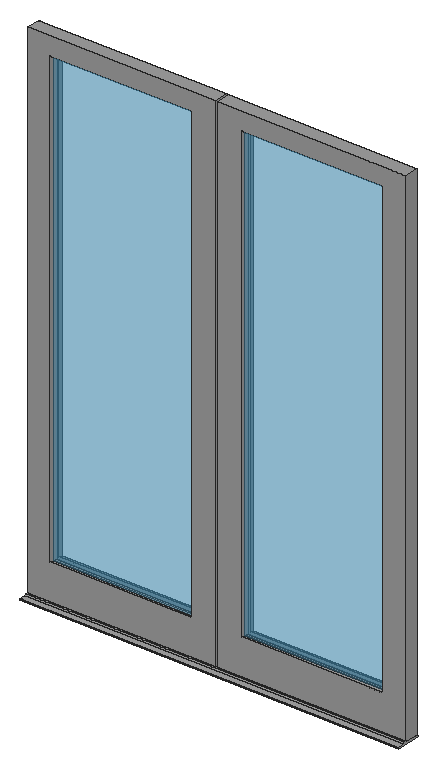
Revit family "AD-375 DOOR-Double-1.56-SF_v04", category Curtain Panels, Revit 2015
Parameters
  Width [instance] = 6' - 2"
  URL = "obe.com"
  Rough Width [instance] = 6' - 0"
  Offset [instance] = 0' - 0"
  Model = "AD-375 DOOR"
  Min Panel Width [instance] = if(Rough Width > 5' 11 255/256", Rough Width, 6' 0")  # 6' - 0"
  Manufacturer = "Oldcastle BuildingEnvelope®"
  Keynote = "08 11 00"
  Hinge [instance] = yes
  Height [instance] = 8' - 0"
  Glass Material = Glass
  Frame Material = Aluminum
  Door Panel Height [instance] = Height + 0' 0 23/32"  # 8' - 0 23/32"
  Description = "AD-375 - 1-9/16\" Door Infill"
  Assembly Code = "B2030"
  Analytic Construction = "<None>"
  6 Bottom Rail [instance] = yes
  10 Bottom Rail [instance] = not([6 Bottom Rail])  # no
Reference planes (in)
  plane 1 "Front": y = 0
  plane 2: z = 0
  plane 3 "Center (Left/Right)": x = 0
  plane 4 "Left": x = -37
  plane 5 "Right": x = 37
  plane 6 "Top": z = 96
  plane 7: x = -36
  plane 8: x = 36
Text (in)
  text "Exterior" at (-54.29358, 31.38743, 0), in view "Ref. Level"
  text "Exterior" at (480, 41.53993, 89.60405), in view "Right"
  text "Exterior" at (-240, 57.82419, 105.78864), in view "Left"
Dimensions and locks (in)
  equal spacing: plane 4 "Left", plane 3 "Center (Left/Right)", plane 5 "Right"
  "Width": plane 4 "Left" to plane 5 "Right"
  "Height": plane 6 "Top" to plane 2
  equal spacing: plane 7, plane 3 "Center (Left/Right)", plane 8
  "Min Panel Width": plane 7 to plane 8
  aligned and locked: level to plane 2
  aligned and locked: plane 1 "Front" to nested 1
Nested families (in)
  nested 1: "AD-375 DOOR-Double-1.56-Panel_v03" at (0, -12, 0), Frame Material <- "Frame Material", Glass Material <- "Glass Material", Hinge <- "Hinge", 6 Bottom Rail <- "6 Bottom Rail", Height <- "Door Panel Height", Width <- "Min Panel Width", Offset <- "Offset", type "AD-375 DOOR-Double-1.56-Panel_v03"
    with Wing Width 3' - 0", built-in parameter 1001301 6' - 0", Offset 0' - 0", Hinge yes, built-in parameter 1001300 8' - 0 23/32", Glass Material Glass, Frame Material Aluminum, Bottom Rail 0' - 6 19/32", 6 Bottom Rail yes, 10 Bottom Rail no
Definition of nested family "AD-375 DOOR-Double-1.56-Panel_v03"
  Parameters (values of type "AD-375 DOOR-Double-1.56-Panel_v03")
    Wing Width [instance] = Width / 2  # 3' - 0"
    Width [instance] = 6' - 0"
    Offset [instance] = 0' - 10.702"
    Hinge [instance] = yes
    Height [instance] = 8' - 0"
    Glass Material [instance] = none
    Frame Material [instance] = none
    Bottom Rail [instance] = if([10 Bottom Rail], 0' 10 19/32", 0' 6 19/32")  # 0' - 6 19/32"
    6 Bottom Rail [instance] = yes
    10 Bottom Rail [instance] = not([6 Bottom Rail])  # no
  Reference planes (in)
    plane 1 "Center": y = -0.1457
    plane 2: z = 0
    plane 3 "Center (Left/Right)": x = 0
    plane 4: z = 96
    plane 5: x = -36
    plane 6: x = 36
    plane 7 "Center (Front/Back)": y = 12
    plane 8 "Exterior": y = 0.63582
    plane 9: z = 48
    plane 10: z = 6.59375
    plane 11: z = 92.46875
    plane 12: z = 0
    plane 13: x = -31.84147
    plane 14: x = 31.82129
    plane 15 "Offset": y = 1.298
  Forms (in)
    Sweep 1, solid, material <- "Frame Material"
      path origin (0, -0.1457, 0) x (1, 0, 0) y (0, 0, 1)
        loop
          line (-33.19523, 96) -> (-0.1998, 96)
      profile origin (-16.69752, -0.1457, 96) x (0, 0, 1) y (0, -1, 0)
        loop
          line (-0.71875, -1.31872) -> (-0.71875, 1.3187) -> (-3.96875, 1.3187) -> (-3.96875, 0.78148) -> (-3.53125, 0.78148) -> (-3.53125, -0.78152) -> (-3.96875, -0.78152) -> (-3.96875, -1.31872) -> (-0.71875, -1.31872)
    Sweep 2, solid, material <- "Frame Material"
      path origin (0, -0.1457, 0) x (1, 0, 0) y (0, 0, 1)
        loop
          line (-0.1998, 0) -> (-35.69697, 0)
      profile origin (-17.94839, -0.1457, 0) x (0, 0, -1) y (0, -1, 0)
        loop
          line (-2.62093, -1.31872) -> (-0.375, -1.31872) -> (-0.375, 1.3187) -> (-2.62093, 1.3187) -> (-7.125, 1.3187) -> (-7.125, 0.7815) -> (-6.59375, 0.7815) -> (-6.59375, -0.78152) -> (-7.125, -0.78152) -> (-7.125, -1.31872) -> (-2.62093, -1.31872)
    Sweep 3, solid, material <- "Frame Material"
      path origin (0, -0.1457, 0) x (1, 0, 0) y (0, 0, 1)
        loop
          line (36, 95.28125) -> (36, 0.375)
      profile origin (36, -0.1457, 47.82812) x (0, -1, 0) y (1, 0, 0)
        loop
          line (-1.2884, -0.43321) -> (-1.2884, -4.61621) -> (-0.78152, -4.61621) -> (-0.78152, -4.17871) -> (0.7815, -4.17871) -> (0.7815, -4.61621) -> (1.3187, -4.61621) -> (1.3187, -0.32321) -> (-1.35373, -0.32321) -> (-1.35373, -0.43321) -> (-1.2884, -0.43321)
    Sweep 4, solid, material <- "Frame Material"
      path origin (0, -0.1457, 0) x (1, 0, 0) y (0, 0, 1)
        loop
          line (-36, 95.28125) -> (-36, 0.375)
      profile origin (-36, -0.1457, 47.82812) x (0, -1, 0) y (1, 0, 0)
        loop
          line (-1.31872, 4.59603) -> (-1.31872, 0.41303) -> (-1.35373, 0.41303) -> (-1.35373, 0.30303) -> (1.3187, 0.30303) -> (1.3187, 4.59603) -> (0.78148, 4.59603) -> (0.78148, 4.15853) -> (-0.78152, 4.15853) -> (-0.78152, 4.59603) -> (-1.31872, 4.59603)
    Sweep 5, solid, material <- "Frame Material"
      path origin (0, -0.1457, 0) x (1, 0, 0) y (0, 0, 1)
        loop
          line (0, 95.28125) -> (0, 0.375)
      profile origin (0, -0.1457, 47.82812) x (0, -1, 0) y (1, 0, 0)
        loop
          line (-1.31872, -4.69069) -> (-0.7815, -4.69069) -> (-0.7815, -4.25319) -> (0.7815, -4.25319) -> (0.7815, -4.69069) -> (1.31797, -4.69069) -> (1.31797, -0.1998) -> (-1.31872, -0.1998) -> (-1.31872, -4.69069)
        loop
          line (1.31797, 4.69069) -> (0.78148, 4.69069) -> (0.78148, 4.25319) -> (-0.7815, 4.25319) -> (-0.7815, 4.69069) -> (-1.2884, 4.69069) -> (-1.2884, 0.19181) -> (1.31797, 0.19181) -> (1.31797, 4.69069)
    Sweep 6, solid, material <- "Frame Material"
      path origin (0, -0.1457, 0) x (1, 0, 0) y (0, 0, 1)
        loop
          line (0.22004, 96) -> (33.19523, 96)
      profile origin (16.70763, -0.1457, 96) x (0, 0, 1) y (0, -1, 0)
        loop
          line (-0.71875, -1.2884) -> (-0.71875, 1.3187) -> (-2.30843, 1.3187) -> (-3.96875, 1.3187) -> (-3.96875, 0.78148) -> (-3.53125, 0.78148) -> (-3.53125, -0.78152) -> (-3.96875, -0.78152) -> (-3.96875, -1.2884) -> (-2.30843, -1.2884) -> (-0.71875, -1.2884)
    Sweep 7, solid, material <- "Frame Material"
      path origin (0, -0.1457, 0) x (1, 0, 0) y (0, 0, 1)
        loop
          line (35.67679, 0) -> (0.19181, 0)
      profile origin (17.9343, -0.1457, 0) x (0, 0, -1) y (0, -1, 0)
        loop
          line (-3.49593, -1.2884) -> (-0.375, -1.2884) -> (-0.375, 1.3187) -> (-7.125, 1.3187) -> (-7.125, 0.7815) -> (-6.59375, 0.7815) -> (-6.59375, -0.78152) -> (-7.125, -0.78152) -> (-7.125, -1.2884) -> (-3.49593, -1.2884)
    Extrusion 8, solid, material <- "Glass Material", detail levels medium+fine
      sketch origin (0, 0, 0) x (1, 0, 0) y (0, 1, 0)
        loop
          line (4.25319, 0.3543) -> (31.82129, 0.3543) -> (31.82129, 0.63582) -> (4.25319, 0.63582) -> (4.25319, 0.3543)
        loop
          line (31.82129, -0.92718) -> (31.82129, -0.64568) -> (4.25319, -0.64568) -> (4.25319, -0.92718) -> (31.82129, -0.92718)
        loop
          line (4.25319, 0.0102) -> (4.25319, -0.26933) -> (31.82129, -0.26933) -> (31.82129, 0.0102) -> (4.25319, 0.0102)
      from 6.59375 to 92.46875
    Extrusion 9, solid, material <- "Glass Material", detail levels coarse
      sketch origin (0, 0, 0) x (1, 0, 0) y (0, 1, 0)
        loop
          line (4.25319, 0.63582) -> (4.25319, -0.9272) -> (31.82129, -0.9272) -> (31.82129, 0.63582) -> (4.25319, 0.63582)
      from 6.59375 to 92.46875
    Extrusion 10, solid, material <- "Glass Material", detail levels coarse
      sketch origin (0, 0, 0) x (1, 0, 0) y (0, 1, 0)
        loop
          line (-31.84147, 0.63582) -> (-31.84147, -0.92718) -> (-4.31233, -0.92718) -> (-4.25319, -0.92718) -> (-4.25319, 0.63582) -> (-31.84147, 0.63582)
      from 6.59375 to 92.46875
    Extrusion 11, solid, material <- "Glass Material", detail levels medium+fine
      sketch origin (0, 0, 0) x (1, 0, 0) y (0, 1, 0)
        loop
          line (-31.84147, 0.63582) -> (-31.84147, 0.38777) -> (-4.25319, 0.38777) -> (-4.25319, 0.63582) -> (-31.84147, 0.63582)
        loop
          line (-31.84147, -0.6457) -> (-31.84147, -0.92718) -> (-4.25, -0.92718) -> (-4.25, -0.6457) -> (-31.84147, -0.6457)
        loop
          line (-31.84147, 0.0102) -> (-31.84147, -0.26933) -> (-4.25, -0.26933) -> (-4.25, 0.0102) -> (-31.84147, 0.0102)
      from 6.59375 to 92.46875
    Sweep 12, solid, material <- "Frame Material"
      path origin (0, 1.298, 0) x (1, 0, 0) y (0, 0, 1)
        loop
          line (35.67679, 0) -> (-35.69697, 0)
      profile origin (-0.01009, 1.298, 0) x (0, 0, -1) y (0, -1, 0)
        loop
          line (-0.256, 0.74946) -> (-0.1262, 0.10573)
          arc (-0.1262, 0.10573) -> (-0.07849, 0.03403) -> (0, -0.00142) r 0.156
          line (0, -0.00142) -> (0, 4.49957) -> (-0.06628, 4.49957)
          arc (-0.06628, 4.49957) -> (-0.08866, 4.49117) -> (-0.09997, 4.47012) r 0.034
          line (-0.09997, 4.47012) -> (-0.256, 3.31357) -> (-0.506, 3.17757) -> (-0.506, 2.76242) -> (-0.256, 2.76242) -> (-0.256, 0.74946)
  Cuts and joins
    joined: Sweep 1, Sweep 2, Sweep 3, Sweep 4, Sweep 5, Sweep 6, Sweep 7
  Lines and regions (in)
    model lines
      curve 1: line (4.59371, 0.63582, 92.05875) -> (31.38379, 0.63582, 48.02216)
      curve 2: line (31.38379, 0.63582, 48.02216) -> (4.59371, 0.63582, 7.125)
      curve 3: line (-4.5985, 0.63582, 92.07372) -> (-31.40397, 0.63582, 48)
      curve 4: line (-31.40397, 0.63582, 48) -> (-4.5985, 0.63582, 7.125)
  Dimensions and locks (in)
    "Height": plane 4 to level
    equal spacing: plane 5, plane 3 "Center (Left/Right)", plane 6
    equal spacing: level, plane 9, plane 4
    locked: plane 3 "Center (Left/Right)" to Sweep 2 sketch curve at 0.1998
    locked: Sweep 3 sketch curve to plane 4 at 0.71875
    locked: Sweep 4 sketch curve to plane 4 at 0.71875
    locked: plane 3 "Center (Left/Right)" to Sweep 1 sketch curve at 0.1998
    locked: Sweep 6 sketch curve to plane 3 "Center (Left/Right)" at 0.22004
    locked: Sweep 5 sketch curve to plane 4 at 0.71875
    locked: Sweep 7 sketch curve to plane 10 at 0.53125  (x2)
    locked: Sweep 2 sketch curve to plane 10 at 0.53125  (x2)
    equal spacing: plane 4, plane 9, plane 12
    locked: plane 4 to plane 11 at 3.53125
    Extrusion 11 sketch curve to Extrusion 11 sketch curve to Extrusion 11 sketch curve to plane 1 "Center" to Extrusion 11 sketch curve to Extrusion 11 sketch curve to Extrusion 11 sketch curve = 0' - 0.28148" locked, 0' - 0.37637" locked, 0' - 0.12363" locked, 0' - 0.1559" locked, 0' - 0.37757" locked, 0' - 0.24805" locked
    Extrusion 10 sketch curve to plane 1 "Center" to Extrusion 10 sketch curve = 0' - 0.78148" locked, 0' - 0.78152" locked
    "Bottom Rail": plane 10 to plane 12
    locked: Extrusion 11 sketch curve to plane 3 "Center (Left/Right)" at 4.25319
    locked: Extrusion 11 sketch curve to plane 3 "Center (Left/Right)" at 4.25
    locked: Extrusion 10 sketch curve to plane 3 "Center (Left/Right)" at 4.25319
    "Width": plane 5 to plane 6
    locked: plane 6 to Sweep 7 sketch curve at 0.32321
    locked: Sweep 2 sketch curve to plane 5 at 0.30303
    locked: Sweep 7 sketch curve to plane 3 "Center (Left/Right)" at 0.19181
    locked: plane 14 to plane 6 at 4.17871
    locked: plane 5 to plane 13 at 4.15853
    plane 1 "Center" to plane 8 "Exterior" to plane 15 "Offset" = 0' - 0.78152" locked, 0' - 0.66218" locked
    "Offset": plane 15 "Offset" to plane 7 "Center (Front/Back)"
    locked: plane 1 "Center" to nested 1 at 0.298
    locked: Sweep 12 sketch curve to plane 5 at 0.30303
    locked: plane 6 to Sweep 12 sketch curve at 0.32321
    locked: plane 12 to Sweep 3 sketch curve at 0.375
    locked: plane 12 to Sweep 5 sketch curve at 0.375
    locked: plane 12 to Sweep 4 sketch curve at 0.375
    aligned and locked: plane 2 to level
    aligned and locked: plane 3 "Center (Left/Right)" to nested 1
    aligned and locked: Sweep 1 sketch curve to plane 4
    aligned and locked: Sweep 2 sketch curve to level
    aligned and locked: level to nested 2
    aligned and locked: nested 2 to plane 1 "Center"
    aligned and locked: plane 3 "Center (Left/Right)" to Sweep 5 sketch curve
    aligned and locked: Sweep 7 sketch curve to level
    aligned and locked: plane 4 to Sweep 6 sketch curve
    aligned and locked: plane 11 to Extrusion 10
    aligned and locked: plane 11 to Extrusion 11
    aligned and locked: plane 11 to Extrusion 8
    aligned and locked: plane 11 to Extrusion 9
    aligned and locked: Sweep 6 sketch curve to plane 11
    aligned and locked: plane 10 to Sweep 2 sketch curve
    aligned and locked: Sweep 1 sketch curve to plane 11
    aligned and locked: plane 9 to curve 4
    aligned and locked: Extrusion 8 to plane 10
    aligned and locked: Extrusion 9 to plane 10
    aligned and locked: Extrusion 11 to plane 10
    aligned and locked: Extrusion 10 to plane 10
    aligned and locked: Sweep 4 sketch curve to plane 5
    aligned and locked: Sweep 3 sketch curve to plane 6
    aligned and locked: Extrusion 11 to plane 13  (x2)
    aligned and locked: Extrusion 10 to plane 13
    aligned and locked: plane 14 to Extrusion 9
    aligned and locked: plane 14 to Extrusion 8  (x2)
    aligned and locked: Extrusion 11 sketch curve to plane 13  (x3)
    aligned and locked: Extrusion 10 sketch curve to plane 13
    aligned and locked: Sweep 12 sketch curve to plane 12
  Automatic sketch dimensions
    Extrusion 10 sketch curve to Extrusion 10 sketch curve = 0' - 0.05914"
    plane 5 to Sweep 1 sketch curve = 0' - 2.80477"
    Extrusion 11 sketch curve to Extrusion 11 sketch curve = 0' - 0"
    Sweep 4 sketch curve to profile plane = 0' - 0.41303"
    Sweep 4 sketch curve to plane 1 "Center" = 0' - 1.35373"
    Sweep 4 sketch curve to Sweep 4 sketch curve = 0' - 0.03501"
    Sweep 4 sketch curve to Sweep 4 sketch curve = 0' - 0.5372"
    plane 1 "Center" to Sweep 4 sketch curve = 0' - 0.78148"
    Sweep 4 sketch curve to Sweep 4 sketch curve = 0' - 0.53722"
    Sweep 4 sketch curve to profile plane = 0' - 0.30303"
    Sweep 4 sketch curve to Sweep 4 sketch curve = 0' - 3.7455"
    Sweep 4 sketch curve to Sweep 4 sketch curve = 0' - 0 7/16"  (x2)
    Sweep 5 sketch curve to plane 1 "Center" = 0' - 1.31872"
    Sweep 5 sketch curve to Sweep 5 sketch curve = 0' - 0.03032"
    Sweep 5 sketch curve to Sweep 5 sketch curve = 0' - 0.53722"
    Sweep 5 sketch curve to Sweep 5 sketch curve = 0' - 0.5069"
    plane 1 "Center" to Sweep 5 sketch curve = 0' - 0.78148"
    plane 1 "Center" to Sweep 5 sketch curve = 0' - 0.7815"
    Sweep 5 sketch curve to Sweep 5 sketch curve = 0' - 0.53649"
    profile plane to Sweep 5 sketch curve = 0' - 0.1998"
    Sweep 5 sketch curve to Sweep 5 sketch curve = 0' - 0"
    Sweep 5 sketch curve to Sweep 5 sketch curve = 0' - 4.05339"
    Sweep 5 sketch curve to Sweep 5 sketch curve = 0' - 0 7/16"  (x4)
    Sweep 5 sketch curve to profile plane = 0' - 0.19181"
    Sweep 5 sketch curve to Sweep 5 sketch curve = 0' - 4.06138"
    Sweep 1 sketch curve to Sweep 1 sketch curve = 0' - 0 7/16"  (x2)
    profile plane to Sweep 1 sketch curve = 0' - 0 23/32"
    Sweep 1 sketch curve to plane 1 "Center" = 0' - 1.31872"
    Sweep 1 sketch curve to plane 1 "Center" = 0' - 0.78152"
    plane 1 "Center" to Sweep 1 sketch curve = 0' - 0.78148"
    plane 1 "Center" to Sweep 1 sketch curve = 0' - 1.3187"
    profile plane to Sweep 3 sketch curve = 0' - 0.43321"
    Sweep 3 sketch curve to plane 1 "Center" = 0' - 1.35373"
    Sweep 3 sketch curve to Sweep 3 sketch curve = 0' - 0.06533"
    Sweep 3 sketch curve to plane 1 "Center" = 0' - 0.78152"
    plane 1 "Center" to Sweep 3 sketch curve = 0' - 0.7815"
    profile plane to Sweep 3 sketch curve = 0' - 0.32321"
    plane 1 "Center" to Sweep 3 sketch curve = 0' - 1.3187"
    Sweep 3 sketch curve to Sweep 3 sketch curve = 0' - 3.8555"
    Sweep 3 sketch curve to Sweep 3 sketch curve = 0' - 0 7/16"  (x2)
    plane 14 to Sweep 6 sketch curve = 0' - 1.37394"
    Extrusion 9 sketch curve to plane 14 = 0' - 0"
    plane 13 to curve 4 = 0' - 0 7/16"
    plane 9 to curve 2 = 0' - 0.02216"
    curve 2 to plane 14 = 0' - 0 7/16"
    curve 3 to plane 11 = 0' - 0.39503"
    curve 3 to plane 3 "Center (Left/Right)" = 0' - 4.5985"
    plane 10 to curve 4 = 0' - 0 17/32"
    curve 4 to plane 3 "Center (Left/Right)" = 0' - 4.5985"
    plane 10 to curve 2 = 0' - 0 17/32"
    plane 3 "Center (Left/Right)" to curve 2 = 0' - 4.59371"
    curve 1 to plane 11 = 0' - 0.41"
    plane 3 "Center (Left/Right)" to curve 1 = 0' - 4.59371"
    plane 8 "Exterior" to Extrusion 9 sketch curve = 0' - 0"
    plane 1 "Center" to Extrusion 9 sketch curve = 0' - 0.7815"
    plane 8 "Exterior" to Extrusion 8 sketch curve = 0' - 0"
    Extrusion 8 sketch curve to plane 14 = 0' - 0"  (x3)
    plane 1 "Center" to Extrusion 8 sketch curve = 0' - 0.12363"
    plane 3 "Center (Left/Right)" to Extrusion 8 sketch curve = 0' - 4.25319"
    Extrusion 8 sketch curve to Extrusion 8 sketch curve = 0' - 0"  (x2)
    Extrusion 8 sketch curve to Extrusion 8 sketch curve = 0' - 0.37635"
    Extrusion 8 sketch curve to Extrusion 8 sketch curve = 0' - 0.2815"
    Extrusion 8 sketch curve to plane 1 "Center" = 0' - 0.1559"
    plane 8 "Exterior" to Extrusion 8 sketch curve = 0' - 0.28152"
    plane 3 "Center (Left/Right)" to Extrusion 9 sketch curve = 0' - 4.25319"
    profile plane to Sweep 2 sketch curve = 0' - 2.62093"  (x2)
    profile plane to Sweep 2 sketch curve = 0' - 0 3/8"
    Sweep 2 sketch curve to Sweep 2 sketch curve = 0' - 0.5372"  (x2)
    plane 1 "Center" to Sweep 2 sketch curve = 0' - 0.7815"
    Sweep 7 sketch curve to Sweep 7 sketch curve = 0' - 0 17/32"
    Sweep 7 sketch curve to plane 1 "Center" = 0' - 1.2884"
    Sweep 7 sketch curve to Sweep 7 sketch curve = 0' - 3.09782"
    Sweep 7 sketch curve to Sweep 7 sketch curve = 0' - 0.50688"
    plane 1 "Center" to Sweep 7 sketch curve = 0' - 0.7815"
    plane 1 "Center" to Sweep 7 sketch curve = 0' - 1.3187"
    Sweep 6 sketch curve to Sweep 6 sketch curve = 0' - 0 7/16"  (x2)
    Sweep 6 sketch curve to Sweep 6 sketch curve = 0' - 1.22282"  (x2)
    profile plane to Sweep 6 sketch curve = 0' - 0 23/32"
    Sweep 6 sketch curve to plane 1 "Center" = 0' - 1.2884"
    Sweep 6 sketch curve to Sweep 6 sketch curve = 0' - 0.50688"
    plane 1 "Center" to Sweep 6 sketch curve = 0' - 0.78148"
    plane 1 "Center" to Sweep 6 sketch curve = 0' - 1.3187"
    Sweep 2 sketch curve to plane 1 "Center" = 0' - 1.31872"
    profile plane to Sweep 7 sketch curve = 0' - 0 3/8"
    profile plane to Sweep 12 sketch curve = 0' - 0.256"  (x2)
    plane 15 "Offset" to Sweep 12 sketch curve = 0' - 0.74946"
    profile plane to Sweep 12 sketch curve = 0' - 0.1262"
    plane 15 "Offset" to Sweep 12 sketch curve = 0' - 0.10573"
    Sweep 12 sketch curve to Sweep 12 sketch curve = 0' - 2.01296"
    Sweep 12 sketch curve to profile plane = 0' - 0.02248"
    Sweep 12 sketch curve to plane 15 "Offset" = 0' - 0.00142"
    Sweep 12 sketch curve to Sweep 12 sketch curve = 0' - 1.73715"
    Sweep 12 sketch curve to Sweep 12 sketch curve = 0' - 0 1/4"
    Sweep 12 sketch curve to Sweep 12 sketch curve = 0' - 0.41515"
    Sweep 12 sketch curve to Sweep 12 sketch curve = 0' - 0.136"
    profile plane to Sweep 12 sketch curve = 0' - 0.09997"
    Sweep 12 sketch curve to Sweep 12 sketch curve = 0' - 0.02945"
    Sweep 12 sketch curve to Sweep 12 sketch curve = 0' - 0.00455"
    Sweep 12 sketch curve to profile plane = 0' - 0"
  Nested families (in)
    nested 1: "AD-375 DOOR-Double-1.56-Plan View" at (0, 0.1523, 0), Wing Width <- "Wing Width", Hinge <- "Hinge", Width <- "Width", type "AD-375 DOOR-Double-1.56-Plan View"
      with Wing Width 3' - 0", Width 6' - 0", Hinge yes
    nested 2: "AD-375 DOOR-Double-1.56-Section" at (0, -0.1457, 0) x (0, -1, 0) z (1, 0, 0), Height <- "Height", 6 Bottom Rail <- "6 Bottom Rail", type "AD-375 DOOR-Double-1.56-Section"
      with Height 8' - 0", Bottom Rail 0' - 6 19/32", 6 Bottom Rail yes, 10 Bottom Rail no
  Definition of nested family "AD-375 DOOR-Double-1.56-Plan View"
    Parameters (values of type "AD-375 DOOR-Double-1.56-Plan View")
      Wing Width [instance] = Width / 2  # 3' - 0"
      Width [instance] = 6' - 0"
      Hinge [instance] = yes
    Reference planes (in)
      plane 1 "Center (Front/Back)": y = 0
      plane 2: z = 0
      plane 3 "Center (Left/Right)": x = 0
      plane 4: x = -36
      plane 5: x = 36
      plane 6: x = -34.04528
      plane 7: x = 34.04528
      plane 8: y = 36
      plane 9: y = 31.74681
    Lines and regions (in)
      detail lines, in view "Ref. Level"
        curve 1: line (-34.82678, 31.74681, 0) -> (-34.82678, 5.51228, 0)
        curve 10: line (-33.26378, 31.74681, 0) -> (-33.26378, 5.51228, 0)
        curve 19: arc (-0.00438, 0, 0) -> (9.8591, 24.7582, 0) -> (34.04528, 35.95127, 0) r 36.00438
        curve 20: arc (0.00438, 0, 0) -> (-9.8591, 24.7582, 0) -> (-34.04528, 35.95127, 0) r 36.00438
        curve 26: line (33.26378, 31.74681, 0) -> (33.26378, 5.51228, 0)
        curve 35: line (34.82678, 31.74681, 0) -> (34.82678, 5.51228, 0)
      detail lines, in view "Ref. Level", detail levels fine
        curve 2: line (-34.76478, 31.74681, 0) -> (-34.76478, 5.51228, 0)
        curve 3: line (-34.70278, 31.74681, 0) -> (-34.70278, 5.51228, 0)
        curve 4: line (-34.64078, 31.74681, 0) -> (-34.64078, 5.51228, 0)
        curve 7: line (-33.44978, 31.74681, 0) -> (-33.44978, 5.51228, 0)
        curve 8: line (-33.38778, 31.74681, 0) -> (-33.38778, 5.51228, 0)
        curve 9: line (-33.32578, 31.74681, 0) -> (-33.32578, 5.51228, 0)
        curve 22: line (-34.10728, 31.74681, 0) -> (-34.10728, 5.51228, 0)
        curve 23: line (-34.04528, 31.74681, 0) -> (-34.04528, 5.51228, 0)
        curve 24: line (-33.98328, 31.74681, 0) -> (-33.98328, 5.51228, 0)
        curve 27: line (33.32578, 31.74681, 0) -> (33.32578, 5.51228, 0)
        curve 28: line (33.38778, 31.74681, 0) -> (33.38778, 5.51228, 0)
        curve 29: line (33.44978, 31.74681, 0) -> (33.44978, 5.51228, 0)
        curve 32: line (34.64078, 31.74681, 0) -> (34.64078, 5.51228, 0)
        curve 33: line (34.70278, 31.74681, 0) -> (34.70278, 5.51228, 0)
        curve 34: line (34.76478, 31.74681, 0) -> (34.76478, 5.51228, 0)
        curve 37: line (33.98328, 31.74681, 0) -> (33.98328, 5.51228, 0)
        curve 38: line (34.04528, 31.74681, 0) -> (34.04528, 5.51228, 0)
        curve 39: line (34.10728, 31.74681, 0) -> (34.10728, 5.51228, 0)
      detail lines, in view "Ref. Level", detail levels medium+fine
        curve 5: line (-34.57878, 31.74681, 0) -> (-34.57878, 5.51228, 0)
        curve 6: line (-33.51178, 31.74681, 0) -> (-33.51178, 5.51228, 0)
        curve 21: line (-34.16928, 31.74681, 0) -> (-34.16928, 5.51228, 0)
        curve 25: line (-33.92128, 31.74681, 0) -> (-33.92128, 5.51228, 0)
        curve 30: line (33.51178, 31.74681, 0) -> (33.51178, 5.51228, 0)
        curve 31: line (34.57878, 31.74681, 0) -> (34.57878, 5.51228, 0)
        curve 36: line (33.92128, 31.74681, 0) -> (33.92128, 5.51228, 0)
        curve 40: line (34.16928, 31.74681, 0) -> (34.16928, 5.51228, 0)
      detail lines, in view "Ref. Level", not visible
        curve 11: line (-31.84147, 0.78152, 0) -> (-4.25319, 0.78152, 0)
        curve 12: line (-31.84147, -0.53348, 0) -> (-4.25319, -0.53348, 0)
        curve 13: line (-31.84147, -0.78148, 0) -> (-4.25319, -0.78148, 0)
        curve 14: line (-31.84147, 0.53352, 0) -> (-4.25319, 0.53352, 0)
        curve 15: line (4.25319, 0.7815, 0) -> (31.59192, 0.7815, 0)
        curve 16: line (31.59192, 0.5335, 0) -> (4.25319, 0.5335, 0)
        curve 17: line (4.25319, -0.5335, 0) -> (31.59192, -0.5335, 0)
        curve 18: line (31.59192, -0.7815, 0) -> (4.25319, -0.7815, 0)
        curve 41: line (-31.84147, 0.12402, 0) -> (-4.25319, 0.12402, 0)
        curve 42: line (-31.84147, -0.12398, 0) -> (-4.25319, -0.12398, 0)
        curve 43: line (4.25319, 0.124, 0) -> (31.59192, 0.124, 0)
        curve 44: line (31.59192, -0.124, 0) -> (4.25319, -0.124, 0)
    Dimensions and locks (in)
      equal spacing: plane 4, plane 3 "Center (Left/Right)", plane 5
      nested 3 to nested 1 to plane 1 "Center (Front/Back)" = 0' - 0.09545" locked, 0' - 1.04735" locked
      nested 6 to nested 2 to plane 1 "Center (Front/Back)" = 0' - 0.09545" locked, 0' - 1.04776" locked
      "Width": plane 4 to plane 5
      plane 7 to plane 5 to nested 1 to nested 4 = 0' - 1.95472" locked, 0' - 1.69941" locked, 0' - 0.77736" locked
      "Wing Width": plane 1 "Center (Front/Back)" to plane 8
      locked: plane 9 to plane 8 at 4.25319
      nested 5 to nested 2 to plane 4 to plane 6 = 0' - 0.79754" locked, 0' - 1.69941" locked, 0' - 1.95472" locked
      aligned and locked: nested 4 to plane 1 "Center (Front/Back)"
      aligned and locked: plane 1 "Center (Front/Back)" to nested 5
      aligned and locked: nested 6 to plane 6
      aligned and locked: nested 3 to plane 7
      aligned and locked: nested 10 to plane 3 "Center (Left/Right)"
      aligned and locked: nested 9 to plane 3 "Center (Left/Right)"
      aligned and locked: nested 9 to plane 1 "Center (Front/Back)"
      aligned and locked: nested 10 to plane 1 "Center (Front/Back)"
      aligned and locked: plane 8 to nested 7
      aligned and locked: nested 8 to plane 8
      aligned and locked: nested 8 to plane 7
      aligned and locked: nested 7 to plane 6
    Automatic sketch dimensions
      plane 1 "Center (Front/Back)" to curve 20 = 0' - 0"
      curve 20 to plane 4 = 0' - 0"
      plane 9 to curve 1 = 0' - 0"
      plane 9 to curve 2 = 0' - 0"
      plane 9 to curve 3 = 0' - 0"
      plane 9 to curve 4 = 0' - 0"
      plane 9 to curve 5 = 0' - 0"
      plane 9 to curve 21 = 0' - 0"
      plane 9 to curve 22 = 0' - 0"
      curve 23 to plane 6 = 0' - 0"
      curve 20 to plane 6 = 0' - 0"
      plane 9 to curve 24 = 0' - 0"
      plane 9 to curve 25 = 0' - 0"
      plane 9 to curve 6 = 0' - 0"
      plane 9 to curve 7 = 0' - 0"
      plane 9 to curve 8 = 0' - 0"
      plane 9 to curve 9 = 0' - 0"
      plane 9 to curve 10 = 0' - 0"
      plane 1 "Center (Front/Back)" to curve 19 = 0' - 0"
      plane 9 to curve 26 = 0' - 0"
      plane 9 to curve 27 = 0' - 0"
      plane 9 to curve 28 = 0' - 0"
      plane 9 to curve 29 = 0' - 0"
      plane 9 to curve 30 = 0' - 0"
      plane 9 to curve 36 = 0' - 0"
      plane 9 to curve 37 = 0' - 0"
      curve 19 to plane 7 = 0' - 0"
      curve 38 to plane 7 = 0' - 0"
      plane 9 to curve 39 = 0' - 0"
      plane 9 to curve 40 = 0' - 0"
      plane 9 to curve 31 = 0' - 0"
      plane 9 to curve 32 = 0' - 0"
      plane 9 to curve 33 = 0' - 0"
      plane 9 to curve 34 = 0' - 0"
      plane 9 to curve 35 = 0' - 0"
      curve 19 to plane 5 = 0' - 0"
      plane 9 to curve 23 = 0' - 0"
      plane 9 to curve 38 = 0' - 0"
      curve 1 to curve 23 = 0' - 0.7815"
      curve 1 to curve 2 = 0' - 0.062"
      curve 2 to curve 3 = 0' - 0.062"
      curve 3 to curve 4 = 0' - 0.062"
      curve 4 to curve 5 = 0' - 0.062"
      curve 21 to curve 23 = 0' - 0.124"
      curve 21 to curve 22 = 0' - 0.062"
      curve 24 to plane 6 = 0' - 0.062"
      curve 24 to curve 25 = 0' - 0.062"
      curve 25 to curve 6 = 0' - 0.4095"
      curve 6 to curve 7 = 0' - 0.062"
      curve 7 to curve 8 = 0' - 0.062"
      curve 8 to curve 9 = 0' - 0.062"
      curve 9 to curve 10 = 0' - 0.062"
      plane 1 "Center (Front/Back)" to curve 12 = 0' - 0.53348"
      curve 12 to plane 6 = 0' - 2.20381"
      curve 14 to curve 12 = 0' - 0"
      curve 11 to curve 14 = 0' - 0"  (x2)
      plane 1 "Center (Front/Back)" to curve 42 = 0' - 0.12398"
      curve 42 to curve 12 = 0' - 0"
      curve 41 to curve 42 = 0' - 0"  (x2)
      curve 13 to curve 12 = 0' - 0"
      curve 14 to plane 1 "Center (Front/Back)" = 0' - 0.53352"
      curve 14 to plane 3 "Center (Left/Right)" = 0' - 4.25319"
      curve 42 to curve 14 = 0' - 0"
      curve 13 to curve 42 = 0' - 0"
      curve 12 to curve 13 = 0' - 0"
      curve 19 to plane 3 "Center (Left/Right)" = 0' - 0.00438"
      plane 3 "Center (Left/Right)" to curve 20 = 0' - 0.00438"
      plane 1 "Center (Front/Back)" to curve 18 = 0' - 0.7815"
      plane 3 "Center (Left/Right)" to curve 18 = 0' - 4.25319"
      curve 17 to curve 18 = 0' - 0"  (x2)
      curve 16 to curve 17 = 0' - 0"
      curve 43 to plane 1 "Center (Front/Back)" = 0' - 0.124"
      curve 43 to curve 16 = 0' - 0"
      curve 15 to curve 16 = 0' - 0"  (x2)
      plane 1 "Center (Front/Back)" to curve 44 = 0' - 0.124"
      curve 44 to curve 43 = 0' - 0"
      plane 7 to curve 44 = 0' - 2.45336"
      curve 18 to curve 44 = 0' - 0"
      curve 16 to curve 44 = 0' - 0"
      curve 43 to curve 44 = 0' - 0"
      curve 26 to curve 38 = 0' - 0.7815"
      curve 26 to curve 27 = 0' - 0.062"
      curve 27 to curve 28 = 0' - 0.062"
      curve 28 to curve 29 = 0' - 0.062"
      curve 29 to curve 30 = 0' - 0.062"
      plane 7 to curve 36 = 0' - 0.124"
      curve 36 to curve 37 = 0' - 0.062"
      curve 38 to curve 39 = 0' - 0.062"
      curve 39 to curve 40 = 0' - 0.062"
      curve 40 to curve 31 = 0' - 0.4095"
      curve 31 to curve 32 = 0' - 0.062"
      curve 32 to curve 33 = 0' - 0.062"
      curve 33 to curve 34 = 0' - 0.062"
      curve 34 to curve 35 = 0' - 0.062"
      curve 18 to curve 17 = 0' - 0.248"
      curve 13 to curve 12 = 0' - 0.248"
      curve 41 to plane 1 "Center (Front/Back)" = 0' - 0.12402"
      curve 43 to curve 16 = 0' - 0.4095"
      curve 16 to curve 15 = 0' - 0.248"
      curve 14 to curve 11 = 0' - 0.248"
      curve 11 to curve 6 = 0' - 4.73076"
      curve 6 to curve 7 = 0' - 0"
      curve 7 to curve 8 = 0' - 0"
      curve 8 to curve 10 = 0' - 0"
      curve 5 to curve 6 = 0' - 0"
      curve 4 to curve 5 = 0' - 0"
      curve 15 to curve 39 = 0' - 4.73078"
      curve 3 to curve 4 = 0' - 0"
      curve 8 to curve 9 = 0' - 0"
      curve 2 to curve 3 = 0' - 0"
      curve 38 to curve 39 = 0' - 0"
      curve 1 to curve 2 = 0' - 0"
      curve 39 to curve 40 = 0' - 0"
      curve 37 to curve 38 = 0' - 0"
      curve 36 to curve 37 = 0' - 0"
      curve 5 to curve 21 = 0' - 0"
      curve 40 to curve 35 = 0' - 0"
      curve 21 to curve 22 = 0' - 0"
      curve 34 to curve 35 = 0' - 0"
      curve 22 to curve 23 = 0' - 0"
      curve 33 to curve 34 = 0' - 0"
      curve 23 to curve 24 = 0' - 0"
      curve 32 to curve 33 = 0' - 0"
      curve 24 to curve 25 = 0' - 0"
      curve 31 to curve 32 = 0' - 0"
      curve 26 to curve 36 = 0' - 0"
      curve 26 to curve 30 = 0' - 0"
      curve 26 to curve 27 = 0' - 0"
      curve 29 to curve 30 = 0' - 0"
      curve 27 to curve 28 = 0' - 0"
    Nested families (in)
      nested 1: "HINGE-DI" at (37.69941, -1.04735, 0), visible <- "Hinge", type "HINGE-DI", in view "Ref. Level"
      nested 2: "HINGE-DI" at (-37.69941, -1.04776, 0) x (-1, 0, 0) z (0, 0, 1), visible <- "Hinge", type "HINGE-DI", in view "Ref. Level"
      nested 3: "HINGE-HD-DI" at (34.04528, -1.1428, 0) x (0, 1, 0) z (0, 0, 1), type "HINGE-HD-DI", in view "Ref. Level"
      nested 4: "HINGE-HD-DI" at (38.47677, 0, 0) x (-1, 0, 0) z (0, 0, 1), type "HINGE-HD-DI", in view "Ref. Level", not visible
      nested 5: "HINGE-HD-DI" at (-38.49695, 0, 0), type "HINGE-HD-DI", in view "Ref. Level", not visible
      nested 6: "HINGE-HD-DI" at (-34.04528, -1.14321, 0) x (0, 1, 0) z (0, 0, 1), type "HINGE-HD-DI", in view "Ref. Level"
      nested 7: "M STILE R-DI" at (-34.04528, 36, 0) x (0, 1, 0) z (0, 0, 1), type "M STILE R-DI", in view "Ref. Level"
      nested 8: "M STILE R-DI" at (34.04528, 36, 0) x (0, 1, 0) z (0, 0, 1), type "M STILE R-DI", in view "Ref. Level"
      nested 9: "M STILE L-DI" at (0, 0, 0) x (-1, 0, 0) z (0, 0, 1), type "M STILE L-DI", in view "Ref. Level", not visible
      nested 10: "M STILE R-DI" at (0, 0, 0) x (-1, 0, 0) z (0, 0, 1), type "M STILE R-DI", in view "Ref. Level", not visible
    Definition of nested family "HINGE-DI"
      Reference planes (in)
        plane 1 "Center (Front/Back)": y = 0
        plane 2: z = 0
        plane 3 "Center (Left/Right)": x = 0
    Definition of nested family "HINGE-HD-DI"
      Reference planes (in)
        plane 1 "Center (Front/Back)": y = 0
        plane 2: z = 0
        plane 3 "Center (Left/Right)": x = 0
      Lines and regions (in)
        detail lines, in view "Ref. Level"
          curve 1: line (2.79998, 0.4063, 0) -> (2.79998, -1.35373, 0)
          curve 2: line (2.79998, -1.35373, 0) -> (2.90998, -1.35373, 0)
          curve 3: line (2.90998, -1.35373, 0) -> (2.90998, -1.31872, 0)
          curve 4: line (2.90998, -1.31872, 0) -> (7.09299, -1.31872, 0)
          curve 5: line (7.09299, -1.31872, 0) -> (7.09299, -0.78152, 0)
          curve 6: line (7.09299, -0.78152, 0) -> (6.65549, -0.78152, 0)
          curve 7: line (6.65549, -0.78152, 0) -> (6.65549, 0.78148, 0)
          curve 8: line (6.65549, 0.78148, 0) -> (7.09299, 0.78148, 0)
          curve 9: line (7.09299, 0.78148, 0) -> (7.09299, 1.3187, 0)
          curve 10: line (7.09299, 1.3187, 0) -> (2.91554, 1.3187, 0)
          curve 11: arc (2.91554, 1.3187, 0) -> (2.8511, 1.29314, 0) -> (2.82171, 1.23036, 0) r 0.094
          curve 12: line (2.82171, 1.23036, 0) -> (2.8195, 1.19368, 0)
          curve 13: line (2.8195, 1.19368, 0) -> (2.8195, 0.4063, 0)
    Definition of nested family "M STILE R-DI"
      Reference planes (in)
        plane 1 "Center (Front/Back)": y = 0
        plane 2: z = 0
        plane 3 "Center (Left/Right)": x = 0
      Lines and regions (in)
        detail lines, in view "Ref. Level"
          curve 1: line (-4.69069, 1.3187, 0) -> (-0.29936, 1.3187, 0)
          curve 2: arc (-0.29936, 1.3187, 0) -> (-0.1917, 0.00032, 0) -> (-0.29121, -1.3187, 0) r 8.44611
          curve 3: line (-0.29121, -1.3187, 0) -> (-4.69069, -1.3187, 0)
          curve 4: line (-4.69069, -1.3187, 0) -> (-4.69069, -0.7815, 0)
          curve 5: line (-4.69069, -0.7815, 0) -> (-4.25319, -0.7815, 0)
          curve 6: line (-4.25319, -0.7815, 0) -> (-4.25319, 0.7815, 0)
          curve 7: line (-4.25319, 0.7815, 0) -> (-4.69069, 0.7815, 0)
          curve 8: line (-4.69069, 0.7815, 0) -> (-4.69069, 1.3187, 0)
    Definition of nested family "M STILE L-DI"
      Reference planes (in)
        plane 1 "Center (Front/Back)": y = 0
        plane 2: z = 0
        plane 3 "Center (Left/Right)": x = 0
      Lines and regions (in)
        detail lines, in view "Ref. Level"
          curve 1: line (4.69073, 1.3187, 0) -> (0.29936, 1.3187, 0)
          curve 2: arc (0.29936, 1.3187, 0) -> (0.10489, 0.00059, 0) -> (0.29121, -1.3187, 0) r 4.66203
          curve 3: line (0.29121, -1.3187, 0) -> (4.69073, -1.3187, 0)
          curve 4: line (4.69073, -1.3187, 0) -> (4.69073, -0.7815, 0)
          curve 5: line (4.69073, -0.7815, 0) -> (4.25319, -0.7815, 0)
          curve 6: line (4.25319, -0.7815, 0) -> (4.25319, 0.7815, 0)
          curve 7: line (4.25319, 0.7815, 0) -> (4.69073, 0.7815, 0)
          curve 8: line (4.69073, 0.7815, 0) -> (4.69073, 1.3187, 0)
  Definition of nested family "AD-375 DOOR-Double-1.56-Section"
    Parameters (values of type "AD-375 DOOR-Double-1.56-Section")
      Height [instance] = 8' - 0"
      Bottom Rail [instance] = if([10 Bottom Rail], 0' 10 19/32", 0' 6 19/32")  # 0' - 10 19/32"
      6 Bottom Rail [instance] = no
      10 Bottom Rail [instance] = not([6 Bottom Rail])  # yes
    Reference planes (in)
      plane 1 "Center (Front/Back)": y = 0
      plane 2: z = 0
      plane 3 "Center (Left/Right)": x = 0
      plane 4: y = 92.46875
      plane 5: y = 96
      plane 6: y = 10.59375
    Lines and regions (in)
      detail lines, in view "Ref. Level"
        curve 1: line (-0.78152, 92.46875, 0) -> (-0.78152, 10.59375, 0)
        curve 10: line (0.78148, 92.46875, 0) -> (0.78148, 10.59375, 0)
      detail lines, in view "Ref. Level", detail levels fine
        curve 2: line (-0.71952, 92.46875, 0) -> (-0.71952, 10.59375, 0)
        curve 3: line (-0.65752, 92.46875, 0) -> (-0.65752, 10.59375, 0)
        curve 4: line (-0.59552, 92.46875, 0) -> (-0.59552, 10.59375, 0)
        curve 7: line (0.59548, 92.46875, 0) -> (0.59548, 10.59375, 0)
        curve 8: line (0.65748, 92.46875, 0) -> (0.65748, 10.59375, 0)
        curve 9: line (0.71948, 92.46875, 0) -> (0.71948, 10.59375, 0)
        curve 12: line (-0.06202, 92.46879, 0) -> (-0.06202, 10.59379, 0)
        curve 13: line (-0.00002, 92.46879, 0) -> (-0.00002, 10.59379, 0)
        curve 14: line (0.06198, 92.46879, 0) -> (0.06198, 10.59379, 0)
      detail lines, in view "Ref. Level", detail levels medium+fine
        curve 5: line (-0.53352, 92.46875, 0) -> (-0.53352, 10.59375, 0)
        curve 6: line (0.53348, 92.46875, 0) -> (0.53348, 10.59375, 0)
        curve 11: line (-0.12402, 92.46879, 0) -> (-0.12402, 10.59379, 0)
        curve 15: line (0.12398, 92.46879, 0) -> (0.12398, 10.59379, 0)
    Dimensions and locks (in)
      nested 1 to plane 5 to plane 4 = 0' - 1 29/32" locked, 0' - 3 17/32" locked
      "Height": plane 1 "Center (Front/Back)" to plane 5
      "Bottom Rail": plane 1 "Center (Front/Back)" to plane 6
      aligned and locked: plane 4 to curve 1
      aligned and locked: plane 4 to curve 2
      aligned and locked: plane 4 to curve 3
      aligned and locked: plane 4 to curve 4
      aligned and locked: plane 4 to curve 5
      aligned and locked: plane 4 to curve 6
      aligned and locked: plane 4 to curve 7
      aligned and locked: plane 4 to curve 8
      aligned and locked: plane 4 to curve 9
      aligned and locked: plane 4 to curve 10
      aligned and locked: plane 3 "Center (Left/Right)" to nested 1
      aligned and locked: plane 6 to curve 10
      aligned and locked: plane 3 "Center (Left/Right)" to nested 2
      aligned and locked: nested 3 to plane 1 "Center (Front/Back)"
      aligned and locked: plane 3 "Center (Left/Right)" to nested 3
      aligned and locked: plane 1 "Center (Front/Back)" to nested 2
    Automatic sketch dimensions
      plane 6 to curve 1 = 0' - 0"
      plane 6 to curve 2 = 0' - 0"
      plane 6 to curve 3 = 0' - 0"
      plane 6 to curve 4 = 0' - 0"
      plane 6 to curve 5 = 0' - 0"
      plane 6 to curve 6 = 0' - 0"
      plane 6 to curve 7 = 0' - 0"
      plane 6 to curve 8 = 0' - 0"
      plane 6 to curve 9 = 0' - 0"
      curve 1 to plane 3 "Center (Left/Right)" = 0' - 0.78152"
      curve 1 to curve 2 = 0' - 0.062"
      curve 2 to curve 3 = 0' - 0.062"
      curve 3 to curve 4 = 0' - 0.062"
      curve 4 to curve 5 = 0' - 0.062"
      plane 4 to curve 11 = 0' - 0.00004"
      curve 11 to plane 3 "Center (Left/Right)" = 0' - 0.12402"
      curve 12 to plane 6 = 0' - 0.00004"
      curve 11 to curve 12 = 0' - 0.062"
      curve 13 to plane 3 "Center (Left/Right)" = 0' - 0"
      curve 14 to plane 6 = 0' - 0.00004"
      plane 3 "Center (Left/Right)" to curve 14 = 0' - 0.06198"
      plane 4 to curve 15 = 0' - 0.00004"
      curve 14 to curve 15 = 0' - 0.062"
      curve 15 to curve 6 = 0' - 0.4095"
      curve 6 to curve 7 = 0' - 0.062"
      curve 7 to curve 8 = 0' - 0.062"
      curve 8 to curve 9 = 0' - 0.062"
      curve 9 to curve 10 = 0' - 0.062"
      curve 13 to plane 6 = 0' - 0.00004"
      curve 11 to plane 6 = 0' - 0.00004"
      curve 15 to plane 6 = 0' - 0.00004"
      plane 4 to curve 14 = 0' - 0.00004"
      plane 4 to curve 12 = 0' - 0.00004"
      plane 4 to curve 13 = 0' - 0.00004"
    Nested families (in)
      nested 1: "TOP RAIL HINGE" at (0, 97.90625, 0), type "TOP RAIL-DI", in view "Ref. Level"
      nested 2: "6 BOTTOM RAIL" at (0, 7.12504, 0), visible <- "6 Bottom Rail", type "8 BOTTOM RAIL", in view "Ref. Level"
      nested 3: "10 BOTTOM RAIL" at (0, 11.12508, 0), visible <- "10 Bottom Rail", type "10 BOTTOM RAIL", in view "Ref. Level"
    Definition of nested family "TOP RAIL HINGE"
      Reference planes (in)
        plane 1 "Center (Front/Back)": y = 0
        plane 2: z = 0
        plane 3 "Center (Left/Right)": x = 0
      Lines and regions (in)
        detail lines, in view "Ref. Level"
          curve 1: line (1.3187, -2.625, 0) -> (-1.3187, -2.625, 0)
          curve 2: line (-1.3187, -2.625, 0) -> (-1.3187, -5.875, 0)
          curve 3: line (-1.3187, -5.875, 0) -> (-0.78152, -5.875, 0)
          curve 4: line (-0.78152, -5.875, 0) -> (-0.78152, -5.4375, 0)
          curve 5: line (-0.78152, -5.4375, 0) -> (0.78148, -5.4375, 0)
          curve 6: line (0.78148, -5.4375, 0) -> (0.78148, -5.875, 0)
          curve 7: line (0.78148, -5.875, 0) -> (1.3187, -5.875, 0)
          curve 8: line (1.3187, -5.875, 0) -> (1.3187, -2.625, 0)
    Definition of nested family "6 BOTTOM RAIL"
      Types (2): name
        6 BOTTOM RAIL
        8 BOTTOM RAIL
      Reference planes (in)
        plane 1 "Center (Front/Back)": y = 0
        plane 2: z = 0
        plane 3 "Center (Left/Right)": x = 0
      Lines and regions (in)
        detail lines, in view "Ref. Level"
          curve 1: line (1.31872, -6.75004, 0) -> (1.31872, 0, 0)
          curve 2: line (1.31872, 0, 0) -> (0.7815, 0, 0)
          curve 3: line (0.7815, 0, 0) -> (0.7815, -0.53204, 0)
          curve 4: line (0.7815, -0.53204, 0) -> (-0.7815, -0.53204, 0)
          curve 5: line (-0.7815, -0.53204, 0) -> (-0.7815, 0, 0)
          curve 6: line (-0.7815, 0, 0) -> (-1.28838, 0, 0)
          curve 7: line (-1.28838, 0, 0) -> (-1.28838, -6.75004, 0)
          curve 8: line (-1.28838, -6.75004, 0) -> (1.31872, -6.75004, 0)
          curve 9: line (3.05587, -7.12504, 0) -> (-1.44512, -7.12504, 0)
          curve 10: arc (-1.44512, -7.12504, 0) -> (-1.40967, -7.04655, 0) -> (-1.33797, -6.99884, 0) r 0.156
          curve 11: line (-1.33797, -6.99884, 0) -> (-0.69424, -6.86904, 0)
          curve 12: line (-0.69424, -6.86904, 0) -> (1.31872, -6.86904, 0)
          curve 13: line (1.31872, -6.86904, 0) -> (1.31872, -6.61904, 0)
          curve 14: line (1.31872, -6.61904, 0) -> (1.73387, -6.61904, 0)
          curve 15: line (1.73387, -6.61904, 0) -> (1.86987, -6.86904, 0)
          curve 16: line (1.86987, -6.86904, 0) -> (3.02642, -7.02507, 0)
          curve 17: arc (3.02642, -7.02507, 0) -> (3.04747, -7.03638, 0) -> (3.05587, -7.05876, 0) r 0.034
          curve 18: line (3.05587, -7.05876, 0) -> (3.05587, -7.12504, 0)
    Definition of nested family "10 BOTTOM RAIL"
      Reference planes (in)
        plane 1 "Center (Front/Back)": y = 0
        plane 2: z = 0
        plane 3 "Center (Left/Right)": x = 0
      Lines and regions (in)
        detail lines, in view "Ref. Level"
          curve 1: line (1.3187, -10.75008, 0) -> (1.3187, 0, 0)
          curve 2: line (1.3187, 0, 0) -> (0.78148, 0, 0)
          curve 3: line (0.78148, 0, 0) -> (0.78148, -0.53204, 0)
          curve 4: line (0.78148, -0.53204, 0) -> (-0.78152, -0.53204, 0)
          curve 5: line (-0.78152, -0.53204, 0) -> (-0.78152, 0, 0)
          curve 6: line (-0.78152, 0, 0) -> (-1.2884, 0, 0)
          curve 7: line (-1.2884, 0, 0) -> (-1.2884, -10.75008, 0)
          curve 8: line (-1.2884, -10.75008, 0) -> (1.3187, -10.75008, 0)
          curve 9: line (3.05585, -11.12508, 0) -> (-1.44514, -11.12508, 0)
          curve 10: arc (-1.44514, -11.12508, 0) -> (-1.40969, -11.0466, 0) -> (-1.33799, -10.99888, 0) r 0.156
          curve 11: line (-1.33799, -10.99888, 0) -> (-0.69426, -10.86908, 0)
          curve 12: line (-0.69426, -10.86908, 0) -> (1.3187, -10.86908, 0)
          curve 13: line (1.3187, -10.86908, 0) -> (1.3187, -10.61908, 0)
          curve 14: line (1.3187, -10.61908, 0) -> (1.73385, -10.61908, 0)
          curve 15: line (1.73385, -10.61908, 0) -> (1.86985, -10.86908, 0)
          curve 16: line (1.86985, -10.86908, 0) -> (3.0264, -11.02511, 0)
          curve 17: arc (3.0264, -11.02511, 0) -> (3.04745, -11.03643, 0) -> (3.05585, -11.0588, 0) r 0.034
          curve 18: line (3.05585, -11.0588, 0) -> (3.05585, -11.12508, 0)
